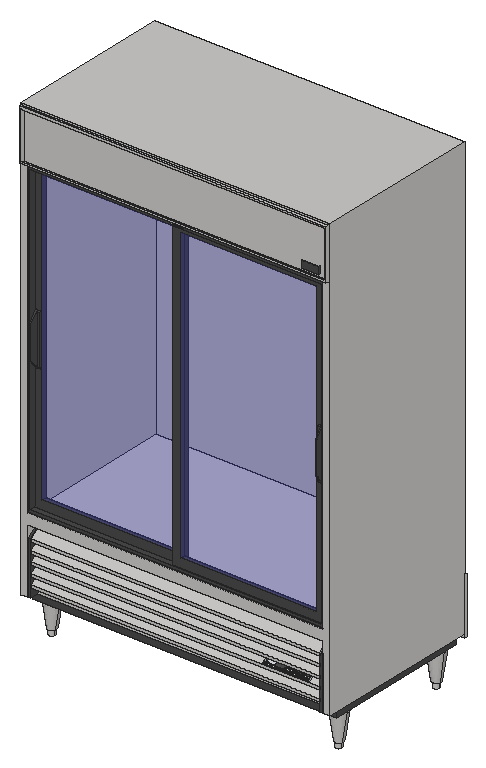
Revit family "QF_TRUE_TSD-47G-HC", category Specialty Equipment, Revit 2016
Family settings
  Part Type = Normal
  Round Connector Dimension = Use Diameter
  Work Plane-Based = No
  Always vertical = Yes
  Cut with Voids When Loaded = No
  Shared = No
  Room Calculation Point = No
Parameters
  Weight in Pounds = 440
  Watts = if(Phase = 3, Volts * FL Amps * 1.73, Volts * FL Amps)  # 977.5 W
  Volts = 115 V
  URL Cutsheet = ""
  Specification by User = ""
  Specification by Manufacturer = ""
  Show Seismic Flanged [instance] = no
  Show Logo [instance] = no
  Show Legs [instance] = yes
  Show 2.5 Inches Castors [instance] = no
  Serial Number = ""
  Seismic Rating = ""
  Seismic Flanged [instance] = and(Show Seismic Flanged, not(Show 4 Inches Castors))  # no
  SMACNA No = ""
  Revision Code = ""
  Phase = 1
  Number of Poles = 1
  NAFEM Spec ID Number = ""
  Model = "TSD-47G-HC-LD"
  Min Ckt Ampacity = 0 A
  Max Overcurrent Protection = 0 A
  Masterspec = ""
  Manufacturer = "TRUE"
  Length = 54 1/8"
  Legs [instance] = and(not(Show 2.5 Inches Castors), or(Show Legs, Show Seismic Flanged))  # yes
  Item Number = ""
  Installed By = ""
  Identify Quantity as Lot = yes
  Height = 84 3/8"
  HP = "1/2"
  Furnished By = ""
  Foodservice Equipment Identifier = yes
  FL Amps = 8.5 A
  Electrical Remarks = ""
  Electric Connection Type = ""
  Elec Conn RI Height = 0"
  Elec Conn Connection Height = 0"
  Description = "REACH-IN SOLID DOOR REFRIGERATOR WITH HYDROCARBON REFRIGERANT & LED LIGHTING"
  Depth = 29 13/16"
  Cycle = 60 Hz
  Conn Plug = "NEMA 5-15P"
  Conn Conduit = yes
  Show 4 Inches Castors [instance] = if(Show 2.5 Inches Castors, or(Show Legs, Show Seismic Flanged), if(Show Seismic Flanged, Show Legs, not(or(Show Legs, Show Seismic Flanged, Show 2.5 Inches Castors))))  # no
  CSI MasterFormat = ""
  Base Height [instance] = if(Show 4 Inches Castors, 4", if(Show 2.5 Inches Castors, 2 1/2", if(Show Legs, 6 1/16", if(Show Seismic Flanged, 6 1/16", 4"))))  # 6 1/16"
  Apparent Power = if(Phase = 3, Volts * FL Amps * 1.73, Volts * FL Amps)  # 977.5 VA
  2.5 Inches Castors [instance] = and(Show 2.5 Inches Castors, not(Show 4 Inches Castors))  # no
Reference planes (in)
  plane 1 "BACK": y = 0
  plane 2: z = 0
  plane 3 "LEFT": x = 0
  plane 4 "RIGHT": x = 54.125
  plane 5 "FRONT": y = -29.8125
  plane 6 "TOP": z = 84.375
  plane 7 "Center Y": x = 27.0625
  plane 8 "Center X": y = -14.90625
  plane 9: z = 6.0625
  plane 10: y = 0.5
  plane 11: x = 2
  plane 12: y = -24.90625
  plane 13: y = -3.59375
  plane 14: x = 52.125
Dimensions and locks (in)
  equal spacing: plane 3 "LEFT", plane 7 "Center Y", plane 4 "RIGHT"
  "Length": plane 3 "LEFT" to plane 4 "RIGHT"
  equal spacing: plane 5 "FRONT", plane 8 "Center X", plane 1 "BACK"
  "Depth": plane 5 "FRONT" to plane 1 "BACK"
  "Height": plane 6 "TOP" to level
  "Base Height": plane 9 to plane 2
  aligned and locked: level to plane 2
  aligned and locked: nested 1 to plane 9
Nested families (in)
  nested 1: "TSD-47G-HC-LD" at (0, -0.25, 0.0625), type "TSD-47G-HC-LD"
    with Type Mark "", Specification by User "", Revision Code "", Logo yes, Item Number "", Installed By "", Identify Quantity as Lot yes, Furnished By "", Foodservice Equipment Identifier yes
  nested 2: "TRUE_L6_C3.25" at (2, -24.90625, 0), Show Casters <- "Show 4 Inches Castors", Seismic Plate <- "Seismic Flanged", Legs <- "Legs", 2.5 Inches Caster <- "2.5 Inches Castors", type "TRUE_L6_C3.25"
    with Type Mark "", Specification by User "", Show Casters no, Seismic Plate no, Revision Code "", Legs yes, Item Number "", Installed By "", Identify Quantity as Lot yes, Furnished By "", Foodservice Equipment Identifier yes, 2.5 Inches Caster no
  nested 3: "TRUE_L6_C3.25" at (52.125, -24.90625, 0), Show Casters <- "Show 4 Inches Castors", Seismic Plate <- "Seismic Flanged", Legs <- "Legs", 2.5 Inches Caster <- "2.5 Inches Castors", type "TRUE_L6_C3.25"
    with Type Mark "", Specification by User "", Show Casters no, Seismic Plate no, Revision Code "", Legs yes, Item Number "", Installed By "", Identify Quantity as Lot yes, Furnished By "", Foodservice Equipment Identifier yes, 2.5 Inches Caster no
  nested 4: "TRUE_L6_C3.25" at (2, -3.59375, 0), Show Casters <- "Show 4 Inches Castors", Seismic Plate <- "Seismic Flanged", Legs <- "Legs", 2.5 Inches Caster <- "2.5 Inches Castors", type "TRUE_L6_C3.25"
    with Type Mark "", Specification by User "", Show Casters no, Seismic Plate no, Revision Code "", Legs yes, Item Number "", Installed By "", Identify Quantity as Lot yes, Furnished By "", Foodservice Equipment Identifier yes, 2.5 Inches Caster no
  nested 5: "TRUE_L6_C3.25" at (52.125, -3.59375, 0), Show Casters <- "Show 4 Inches Castors", Seismic Plate <- "Seismic Flanged", Legs <- "Legs", 2.5 Inches Caster <- "2.5 Inches Castors", type "TRUE_L6_C3.25"
    with Type Mark "", Specification by User "", Show Casters no, Seismic Plate no, Revision Code "", Legs yes, Item Number "", Installed By "", Identify Quantity as Lot yes, Furnished By "", Foodservice Equipment Identifier yes, 2.5 Inches Caster no
Connectors (in)
  electrical at (27.0625, 0.5, 11.625), driven by "Volts", driven by "Watts"
    settings: on nested 1, index 1, voltage 115 V, apparent load 977.5 VA, apparent load phase1 0 VA, apparent load phase2 0 VA, apparent load phase3 0 VA, power factor 1, load classification "Other", number of poles 1, system type 30, power factor state 1, is connector primary yes, connector utility no, sub classification motor no, connector description "ELECTRICAL CONNECTION"
Definition of nested family "TSD-47G-HC-LD"
  Parameters (values of type "TSD-47G-HC-LD")
    URL = "www.truemfg.com"
    Type Mark [instance] = ""
    Type Comments = "www.truemfg.com"
    Specification by User [instance] = ""
    Specification by Manufacturer = ""
    Serial Number = ""
    Seismic Rating = ""
    SMACNA No = ""
    Revision Code [instance] = ""
    Omniclass Number and Title = ""
    NAFEM Spec ID Number = ""
    Model = ""
    MasterSpec. = ""
    Manufacturer = "TRUE FOOD SERVICE EQUIPMENT, INC."
    Logo [instance] = yes
    Item Number [instance] = ""
    Installed By [instance] = ""
    Identify Quantity as Lot [instance] = yes
    Furnished By [instance] = ""
    Foodservice Equipment Identifier [instance] = yes
    Description = ""
    CSI MasterFormat = ""
    CSI Master Format = ""
    Assembly Code = ""
  Reference planes (in)
    plane 1: z = 0
    plane 2 "LEFT": x = 0
    plane 3 "RIGHT": x = 54.125
    plane 4 "FRONT": y = -29.5625
    plane 5 "TOP": z = 84.3125
    plane 6: z = 6
    plane 7: y = -36.15965
    plane 8: y = -36.15965
    plane 9: y = 0.25
    plane 10: y = 0.75
    plane 11: x = 27.0625
    plane 12: x = 0.5
    plane 13: x = 53.625
    plane 14: y = -36.15965
  Forms (in)
    Extrusion 1, solid
      sketch origin (0, 0, 1) x (0, 1, 0) y (0, 0, 1)
        loop
          line (-1, 6.375) -> (-27, 6.375) -> (-27, 5) -> (-1, 5) -> (-1, 6.375)
      from 0.5 to 53.625
    Extrusion 2, solid
      sketch origin (0, -29.875, 0) x (1, 0, 0) y (0, 0, 1)
        loop
          line (0, 84.3125) -> (0, 7.375) -> (1.25, 7.375) -> (1.25, 18.625) -> (52.875, 18.625) -> (52.875, 7.375) -> (54.125, 7.375) -> (54.125, 84.3125) -> (0, 84.3125)
        loop
          line (1.25, 75) -> (1.25, 20.625) -> (52.875, 20.625) -> (52.875, 75) -> (1.25, 75)
      from -28.875 to -0.8125
    Extrusion 3, solid
      sketch origin (0, 0, 0) x (1, 0, 0) y (0, 0, 1)
        loop
          line (0, 84.3125) -> (0, 7.375) -> (54.125, 7.375) -> (54.125, 84.3125) -> (0, 84.3125)
      from -0.25 to 1
    Extrusion 4, solid
      sketch origin (0, -2.45545, 4.4375) x (0, 1, 0) y (0, 0, 1)
        loop
          line (-26.60705, 6.357) -> (-24.90393, 7.56798) -> (-24.90393, 6.22746) -> (-26.60705, 5.01648) -> (-26.60705, 4.55635) -> (-24.90393, 5.76733) -> (-24.90393, 2.9375) -> (-24.04455, 2.9375) -> (-24.04455, 14.1875) -> (-24.90393, 14.1875) -> (-24.90393, 13.42723) -> (-26.60705, 12.21625) -> (-26.60705, 11.75612) -> (-24.90393, 12.9671) -> (-24.90393, 11.62658) -> (-26.60705, 10.4156) -> (-26.60705, 9.95547) -> (-24.90393, 11.16645) -> (-24.90393, 9.82592) -> (-26.60705, 8.61494) -> (-26.60705, 8.14374) -> (-24.90393, 9.35472) -> (-24.90393, 8.01419) -> (-26.60705, 6.80321) -> (-26.60705, 6.357)
      from 1.75 to 52.375
    Extrusion 5, solid
      sketch origin (-0.25, -2.45545, 4.4375) x (0, 1, 0) y (0, 0, 1)
        loop
          line (-24.90393, 13.42723) -> (-26.60705, 12.21625) -> (-26.60705, 2.9375) -> (-24.04455, 2.9375) -> (-24.04455, 14.17051) -> (-24.90393, 14.17051) -> (-24.90393, 13.42723)
      from 1.5 to 2
    Extrusion 6, solid
      sketch origin (0, -29.5625, 0) x (1, 0, 0) y (0, 0, 1)
        loop
          line (0.5625, 75.4375) -> (53.5625, 75.4375) -> (53.5625, 83.8125) -> (0.5625, 83.8125) -> (0.5625, 75.4375)
        loop
          line (0.3125, 84.0625) -> (0.3125, 75.1875) -> (53.8125, 75.1875) -> (53.8125, 84.0625) -> (0.3125, 84.0625)
      from -0.5 to 0
    Extrusion 7, solid
      sketch origin (0, -28.9375, 0) x (1, 0, 0) y (0, 0, 1)
        loop
          line (2.75265, 73.5) -> (2.75265, 22.5) -> (26.3125, 22.5) -> (26.3125, 73.5) -> (2.75265, 73.5)
        loop
          line (1.50265, 21) -> (27.5625, 21) -> (27.5625, 75) -> (1.50265, 75) -> (1.50265, 21)
      from -1.90983 to -1.20983
    Extrusion 8, solid
      sketch origin (0, -28.9375, 1) x (1, 0, 0) y (0, 0, 1)
        loop
          line (2.75265, 72.5) -> (2.75265, 21.5) -> (26.3125, 21.5) -> (26.3125, 72.5) -> (2.75265, 72.5)
      from -1.90983 to -1.20983
    Extrusion 9, solid
      sketch origin (0, -28.9375, 0) x (1, 0, 0) y (0, 0, 1)
        loop
          line (1.50265, 74.375) -> (1.50265, 21) -> (52.62235, 21) -> (52.62235, 74.375) -> (1.50265, 74.375)
        loop
          line (1.25, 20.625) -> (52.875, 20.625) -> (52.875, 75) -> (1.25, 75) -> (1.25, 20.625)
      from -2.125 to 0
    Extrusion 10, solid
      sketch origin (0, 0.9375, 0) x (1, 0, 0) y (0, 1, 0)
        loop
          line (1.71617, -28.6875) -> (1.71617, -30) -> (1.91617, -30) -> (1.91617, -28.8875) -> (2.46617, -28.8875) -> (2.46617, -28.6875) -> (1.71617, -28.6875)
      from 42.905 to 52.00141
    Extrusion 11, solid
      sketch origin (12.6875, -4.5625, 8.43646) x (1, 0, 0) y (0, 0, 1)
        loop
          line (36.5405, 68.62885) -> (36.5405, 67.37885) -> (39.5405, 67.37885) -> (39.5405, 68.62885) -> (36.5405, 68.62885)
      from 24.5 to 24.58496
    Extrusion 12, void
      sketch origin (0, 0.9375, 0) x (0, 1, 0) y (0, 0, 1)
        loop
          line (-30, 50.26512) -> (-28.6875, 52.00141) -> (-30, 52.00141) -> (-30, 50.26512)
        loop
          line (-30, 44.64129) -> (-30, 42.905) -> (-28.6875, 42.905) -> (-30, 44.64129)
      from 1.71617 to 2.46617
    Extrusion 13, solid
      sketch origin (39.5, -29.375, 84.3125) x (0, 0, -1) y (0, 1, 0)
        loop
          line (77.625, 29.625) -> (77.625, 30.125) -> (67.875, 30.125) -> (67.375, 29.625) -> (77.625, 29.625)
      from 14.625 to -39.5
    Extrusion 14, solid
      sketch origin (54.375, -2.45545, 4.4375) x (0, 1, 0) y (0, 0, -1)
        loop
          line (-24.90393, -13.42723) -> (-24.90393, -14.17051) -> (-24.04455, -14.17051) -> (-24.04455, -2.9375) -> (-26.60705, -2.9375) -> (-26.60705, -12.21625) -> (-24.90393, -13.42723)
      from 1.5 to 2
    Extrusion 15, solid, not visible
      sketch origin (17.8697, -29.77233, 0) x (1, 0, 0) y (0, 0, 1)
        loop
          line (-4.9322, 73.5) -> (-4.9322, 22.5) -> (18.87765, 22.5) -> (18.87765, 73.5) -> (-4.9322, 73.5)
        loop
          line (-6.1822, 21) -> (20.12765, 21) -> (20.12765, 75) -> (-6.1822, 75) -> (-6.1822, 21)
      from -1.90983 to -1.20983
    Extrusion 16, solid, not visible
      sketch origin (17.8697, -29.77233, 1) x (1, 0, 0) y (0, 0, 1)
        loop
          line (-4.9322, 72.5) -> (-4.9322, 21.5) -> (18.87765, 21.5) -> (18.87765, 72.5) -> (-4.9322, 72.5)
      from -1.90983 to -1.20983
    Extrusion 17, solid, not visible
      sketch origin (39.5, 0.125, 0) x (-1, 0, 0) y (0, -1, 0)
        loop
          line (1.71617, 28.6875) -> (2.46617, 28.6875) -> (2.46617, 28.8875) -> (1.91617, 28.8875) -> (1.91617, 30) -> (1.71617, 30) -> (1.71617, 28.6875)
      from 42.905 to 52.00141
    Extrusion 18, void, not visible
      sketch origin (39.5, 0.125, 0) x (0, 1, 0) y (0, 0, -1)
        loop
          line (-30, -50.26512) -> (-30, -52.00141) -> (-28.6875, -52.00141) -> (-30, -50.26512)
        loop
          line (-30, -44.64129) -> (-28.6875, -42.905) -> (-30, -42.905) -> (-30, -44.64129)
      from 1.71617 to 2.46617
    Extrusion 19, solid
      sketch origin (32.4947, -29.77233, 0) x (1, 0, 0) y (0, 0, 1)
        loop
          line (-4.9322, 73.5) -> (-4.9322, 22.5) -> (18.87765, 22.5) -> (18.87765, 73.5) -> (-4.9322, 73.5)
        loop
          line (-6.1822, 21) -> (20.12765, 21) -> (20.12765, 75) -> (-6.1822, 75) -> (-6.1822, 21)
      from -1.90983 to -1.20983
    Extrusion 20, solid
      sketch origin (32.4947, -29.77233, 1) x (1, 0, 0) y (0, 0, 1)
        loop
          line (-4.9322, 72.5) -> (-4.9322, 21.5) -> (18.87765, 21.5) -> (18.87765, 72.5) -> (-4.9322, 72.5)
      from -1.90983 to -1.20983
    Extrusion 21, solid
      sketch origin (54.125, 0.125, 0) x (-1, 0, 0) y (0, -1, 0)
        loop
          line (1.71617, 28.6875) -> (2.46617, 28.6875) -> (2.46617, 28.8875) -> (1.91617, 28.8875) -> (1.91617, 30) -> (1.71617, 30) -> (1.71617, 28.6875)
      from 42.905 to 52.00141
    Extrusion 22, void
      sketch origin (54.125, 0.125, 0) x (0, 1, 0) y (0, 0, -1)
        loop
          line (-30, -50.26512) -> (-30, -52.00141) -> (-28.6875, -52.00141) -> (-30, -50.26512)
        loop
          line (-30, -44.64129) -> (-28.6875, -42.905) -> (-30, -42.905) -> (-30, -44.64129)
      from 1.71617 to 2.46617
    Extrusion 23, solid, visible <- "Logo"
      sketch origin (21.05273, 5.83047, 43.96283) x (1, 0, 0) y (0, 0, 1)
        loop
          line (4.75096, 30.92458) -> (4.7107, 30.83825) -> (5.24616, 30.83825)
          arc (5.24616, 30.83825) -> (5.25703, 30.81904) -> (5.24616, 30.79982) r 0.02243
          line (5.24616, 30.79982) -> (5.1065, 30.50032)
          arc (5.1065, 30.50032) -> (5.10529, 30.47258) -> (5.12405, 30.45211) r 0.03628
          line (5.12405, 30.45211) -> (5.46643, 30.45211)
          arc (5.46643, 30.45211) -> (5.50967, 30.46574) -> (5.53726, 30.50171) r 0.07537
          line (5.53726, 30.50171) -> (5.64717, 30.7374) -> (5.74815, 30.7374)
          arc (5.74815, 30.7374) -> (5.77464, 30.72766) -> (5.77081, 30.69969) r 0.02252
          line (5.77081, 30.69969) -> (5.67884, 30.50248)
          arc (5.67884, 30.50248) -> (5.68027, 30.46973) -> (5.70792, 30.45211) r 0.0355
          line (5.70792, 30.45211) -> (6.00877, 30.45211)
          arc (6.00877, 30.45211) -> (6.03182, 30.4605) -> (6.04408, 30.48174) r 0.03586
          arc (6.04408, 30.48174) -> (6.05276, 30.46079) -> (6.07372, 30.45211) r 0.02963
          line (6.07372, 30.45211) -> (6.26421, 30.45211)
          arc (6.26421, 30.45211) -> (6.28621, 30.45801) -> (6.30232, 30.47412) r 0.04401
          arc (6.30232, 30.47412) -> (6.31003, 30.4555) -> (6.32865, 30.44778) r 0.02633
          line (6.32865, 30.44778) -> (6.59938, 30.44778)
          arc (6.59938, 30.44778) -> (6.62152, 30.45695) -> (6.63069, 30.47909) r 0.0313
          arc (6.63069, 30.47909) -> (6.65098, 30.4588) -> (6.67869, 30.45137) r 0.05543
          line (6.67869, 30.45137) -> (7.18584, 30.45137) -> (7.24217, 30.54894) -> (6.73064, 30.54894)
          arc (6.73064, 30.54894) -> (6.71652, 30.55873) -> (6.716, 30.57591) r 0.01908
          line (6.716, 30.57591) -> (6.73629, 30.61943) -> (6.9242, 30.61943)
          arc (6.9242, 30.61943) -> (6.95969, 30.62894) -> (6.98567, 30.65492) r 0.07098
          line (6.98567, 30.65492) -> (7.03329, 30.7374)
          arc (7.03329, 30.7374) -> (7.03329, 30.78143) -> (6.99517, 30.80344) r 0.04402
          line (6.99517, 30.80344) -> (6.82163, 30.80344)
          arc (6.82163, 30.80344) -> (6.7774, 30.79592) -> (6.74653, 30.76335) r 0.07088
          line (6.74653, 30.76335) -> (6.66407, 30.5865)
          arc (6.66407, 30.5865) -> (6.63973, 30.55478) -> (6.6016, 30.54276) r 0.06648
          line (6.6016, 30.54276) -> (6.4216, 30.54276)
          arc (6.4216, 30.54276) -> (6.40005, 30.56628) -> (6.40144, 30.59814) r 0.04167
          line (6.40144, 30.59814) -> (6.49717, 30.80344) -> (6.43624, 30.80344) -> (6.33482, 30.58594)
          arc (6.33482, 30.58594) -> (6.31512, 30.56025) -> (6.28424, 30.55052) r 0.05382
          line (6.28424, 30.55052) -> (6.16012, 30.55052)
          arc (6.16012, 30.55052) -> (6.13914, 30.57786) -> (6.14364, 30.61201) r 0.04502
          line (6.14364, 30.61201) -> (6.2329, 30.80344) -> (6.16998, 30.80344) -> (6.06724, 30.5831)
          arc (6.06724, 30.5831) -> (6.04339, 30.55925) -> (6.01081, 30.55052) r 0.06516
          line (6.01081, 30.55052) -> (5.83107, 30.55052)
          arc (5.83107, 30.55052) -> (5.79879, 30.56557) -> (5.79568, 30.60106) r 0.03562
          line (5.79568, 30.60106) -> (5.85476, 30.72776) -> (5.93828, 30.72776)
          arc (5.93828, 30.72776) -> (5.95237, 30.77023) -> (5.98236, 30.80344) r 0.10884
          line (5.98236, 30.80344) -> (5.65601, 30.80344)
          arc (5.65601, 30.80344) -> (5.61974, 30.7954) -> (5.59465, 30.76801) r 0.06177
          line (5.59465, 30.76801) -> (5.50619, 30.57831)
          arc (5.50619, 30.57831) -> (5.48585, 30.55797) -> (5.45806, 30.55052) r 0.05557
          line (5.45806, 30.55052) -> (5.26322, 30.55052)
          arc (5.26322, 30.55052) -> (5.24802, 30.57107) -> (5.25091, 30.59647) r 0.03488
          line (5.25091, 30.59647) -> (5.37947, 30.83825) -> (5.70382, 30.83825) -> (5.74408, 30.92458) -> (5.41972, 30.92458) -> (5.45997, 31.0109) -> (5.34459, 31.0109) -> (5.30434, 30.92458) -> (4.75096, 30.92458)
        loop
          line (6.7997, 30.72507) -> (6.78025, 30.67212) -> (6.93883, 30.67212) -> (6.95026, 30.72507) -> (6.7997, 30.72507)
      from 34.76797 to 34.83173
  Cuts and joins
    Extrusion 12 cuts Extrusion 2
    Extrusion 12 cuts Extrusion 3
    joined: Extrusion 2, Extrusion 3
    Extrusion 12 cuts Extrusion 9
    Extrusion 12 cuts Extrusion 10
    Extrusion 22 cuts Extrusion 21
  Lines and regions (in)
    symbolic lines
      curve 1: line (0, 0.25, 0) -> (54.125, 0.25, 0)
      curve 2: line (0, -29.0625, 0) -> (0, 0.25, 0)
      curve 3: line (54.125, -29.0625, 0) -> (0, -29.0625, 0)
      curve 4: line (54.125, 0.25, 0) -> (54.125, -29.0625, 0)
      curve 5: line (53.8125, -29.5625, 0) -> (53.8125, -29.0625, 0)
      curve 6: line (53.8125, -29.5625, 0) -> (0.3125, -29.5625, 0)
      curve 7: line (0.3125, -29.5625, 0) -> (0.3125, -29.0625, 0)
  Dimensions and locks (in)
    plane 2 "LEFT" to plane 3 "RIGHT" = 54 1/8"
    locked: Extrusion 1 sketch curve to Extrusion 1 sketch curve at 1.375
    plane 6 to level = 6"
    plane 3 "RIGHT" to plane 2 "LEFT" = 54 1/8"
    plane 4 "FRONT" to plane 9 = 29 13/16"
    plane 9 to plane 10 = 1/2"
    Extrusion 13 to cut or joined group of Extrusion 2, Extrusion 3, Extrusion 12 to plane 4 "FRONT" = 1/2", 29 13/16"
    equal spacing: plane 3 "RIGHT", plane 11, plane 2 "LEFT"
    aligned and locked: level to plane 1
    aligned and locked: Extrusion 2 to Extrusion 3
    aligned and locked: Extrusion 5 to Extrusion 4
    aligned and locked: Extrusion 12 to cut or joined group of Extrusion 10, Extrusion 12
    aligned and locked: Extrusion 4 sketch curve to Extrusion 5
  Automatic sketch dimensions
    Extrusion 17 sketch curve to Extrusion 17 sketch curve = 0.2"  (x2)
    Extrusion 17 sketch curve to Extrusion 17 sketch curve = 0.55"
    Extrusion 18 sketch curve to Extrusion 18 sketch curve = 1.73629"  (x2)
    Extrusion 18 sketch curve to Extrusion 18 sketch curve = 5.62383"
    Extrusion 16 sketch curve to Extrusion 16 sketch curve = 23.80985"
    Extrusion 16 sketch curve to Extrusion 16 sketch curve = 51"
    Extrusion 17 sketch curve to Extrusion 17 sketch curve = 1.1125"
    Extrusion 18 sketch curve to Extrusion 18 sketch curve = 0"
    Extrusion 18 sketch curve to Extrusion 18 sketch curve = 1 5/16"  (x2)
    Extrusion 21 sketch curve to Extrusion 21 sketch curve = 0.2"  (x2)
    Extrusion 21 sketch curve to Extrusion 21 sketch curve = 0.55"
    Extrusion 22 sketch curve to Extrusion 22 sketch curve = 1.73629"  (x2)
    Extrusion 22 sketch curve to Extrusion 22 sketch curve = 5.62383"
    Extrusion 20 sketch curve to Extrusion 20 sketch curve = 23.80985"
    Extrusion 20 sketch curve to Extrusion 20 sketch curve = 51"
    Extrusion 21 sketch curve to Extrusion 21 sketch curve = 1.1125"
    Extrusion 22 sketch curve to Extrusion 22 sketch curve = 0"
    Extrusion 22 sketch curve to Extrusion 22 sketch curve = 1 5/16"  (x2)
    Extrusion 19 sketch curve to Extrusion 19 sketch curve = 1 1/4"  (x2)
    Extrusion 19 sketch curve to Extrusion 19 sketch curve = 1 1/2"  (x2)
    Extrusion 19 sketch curve to Extrusion 19 sketch curve = 51"
    Extrusion 19 sketch curve to Extrusion 19 sketch curve = 23.80985"
    Extrusion 15 sketch curve to Extrusion 15 sketch curve = 1 1/4"  (x2)
    Extrusion 15 sketch curve to Extrusion 15 sketch curve = 1 1/2"  (x2)
    Extrusion 15 sketch curve to Extrusion 15 sketch curve = 51"
    Extrusion 15 sketch curve to Extrusion 15 sketch curve = 23.80985"
    curve 3 to plane 2 "LEFT" = 0"
    plane 4 "FRONT" to curve 6 = 0"
    curve 1 to plane 9 = 0"
    curve 6 to plane 12 = 3/16"
    plane 11 to curve 5 = 26 3/4"
    curve 5 to curve 3 = 5/16"
    curve 3 to plane 4 "FRONT" = 1/2"
    Extrusion 1 sketch curve to plane 6 = 0"
    Extrusion 1 sketch curve to plane 4 "FRONT" = 2 9/16"
    Extrusion 1 sketch curve to plane 9 = 1 1/4"
    Extrusion 2 sketch curve to plane 2 "LEFT" = 0"
    Extrusion 2 sketch curve to plane 3 "RIGHT" = 0"
    Extrusion 2 sketch curve to plane 5 "TOP" = 0"
    plane 12 to Extrusion 2 sketch curve = 3/4"  (x2)
    plane 13 to Extrusion 2 sketch curve = 3/4"  (x2)
    Extrusion 2 sketch curve to plane 5 "TOP" = 9 5/16"
    plane 6 to Extrusion 2 sketch curve = 14 5/8"
    Extrusion 2 sketch curve to Extrusion 2 sketch curve = 2"
    plane 6 to Extrusion 2 sketch curve = 1 3/8"  (x2)
    Extrusion 3 sketch curve to plane 2 "LEFT" = 0"
    Extrusion 3 sketch curve to plane 3 "RIGHT" = 0"
    Extrusion 3 sketch curve to plane 5 "TOP" = 0"
    plane 6 to Extrusion 3 sketch curve = 1 3/8"
    Extrusion 4 sketch curve to Extrusion 4 sketch curve = 55/64"
    Extrusion 4 sketch curve to plane 4 "FRONT" = 2 13/64"
    Extrusion 4 sketch curve to Extrusion 4 sketch curve = 0"  (x4)
    Extrusion 4 sketch curve to plane 4 "FRONT" = 1/2"  (x5)
    plane 6 to Extrusion 4 sketch curve = 1 3/8"
    Extrusion 4 sketch curve to Extrusion 4 sketch curve = 1.61885"
    Extrusion 4 sketch curve to Extrusion 4 sketch curve = 0.46013"  (x6)
    Extrusion 4 sketch curve to Extrusion 4 sketch curve = 0.75085"
    Extrusion 4 sketch curve to Extrusion 4 sketch curve = 1.34052"  (x8)
    Extrusion 4 sketch curve to Extrusion 4 sketch curve = 0.44621"  (x2)
    Extrusion 4 sketch curve to Extrusion 4 sketch curve = 0.4712"  (x2)
    Extrusion 4 sketch curve to Extrusion 4 sketch curve = 0.76026"
    Extrusion 5 sketch curve to plane 4 "FRONT" = 1/2"
    Extrusion 5 sketch curve to plane 4 "FRONT" = 2 13/64"
    Extrusion 5 sketch curve to Extrusion 5 sketch curve = 55/64"
    plane 6 to Extrusion 5 sketch curve = 1 3/8"
    Extrusion 5 sketch curve to Extrusion 5 sketch curve = 9.27876"
    Extrusion 5 sketch curve to Extrusion 5 sketch curve = 1.21098"
    Extrusion 5 sketch curve to Extrusion 5 sketch curve = 0.74327"
    Extrusion 6 sketch curve to plane 12 = 3/16"
    plane 12 to Extrusion 6 sketch curve = 1/16"
    plane 13 to Extrusion 6 sketch curve = 1/16"
    Extrusion 6 sketch curve to plane 13 = 3/16"
    Extrusion 6 sketch curve to plane 5 "TOP" = 9 1/8"
    Extrusion 6 sketch curve to Extrusion 6 sketch curve = 1/4"
    Extrusion 6 sketch curve to plane 5 "TOP" = 1/2"
    Extrusion 6 sketch curve to plane 5 "TOP" = 1/4"
    plane 12 to Extrusion 8 sketch curve = 2.25265"
    Extrusion 8 sketch curve to plane 11 = 3/4"
    plane 6 to Extrusion 8 sketch curve = 16 1/2"
    Extrusion 8 sketch curve to plane 5 "TOP" = 10 13/16"
    plane 12 to Extrusion 9 sketch curve = 3/4"
    Extrusion 9 sketch curve to Extrusion 9 sketch curve = 0.25265"  (x2)
    plane 13 to Extrusion 9 sketch curve = 1.00265"
    plane 6 to Extrusion 9 sketch curve = 14 5/8"
    Extrusion 9 sketch curve to Extrusion 9 sketch curve = 3/8"
    Extrusion 9 sketch curve to plane 5 "TOP" = 9 15/16"
    Extrusion 9 sketch curve to Extrusion 9 sketch curve = 5/8"
    Extrusion 10 sketch curve to plane 4 "FRONT" = 1/2"
    plane 12 to Extrusion 10 sketch curve = 1.21617"
    Extrusion 10 sketch curve to Extrusion 10 sketch curve = 0.2"  (x2)
    Extrusion 10 sketch curve to Extrusion 10 sketch curve = 0.55"
    Extrusion 10 sketch curve to Extrusion 10 sketch curve = 1.1125"
    plane 13 to Extrusion 11 sketch curve = 4.397"
    plane 13 to Extrusion 11 sketch curve = 1.397"
    Extrusion 11 sketch curve to plane 5 "TOP" = 8.49719"
    Extrusion 11 sketch curve to Extrusion 11 sketch curve = 1 1/4"
    Extrusion 12 sketch curve to plane 4 "FRONT" = 1/2"  (x2)
    Extrusion 12 sketch curve to Extrusion 12 sketch curve = 1 5/16"  (x2)
    plane 6 to Extrusion 12 sketch curve = 36.905"
    Extrusion 12 sketch curve to Extrusion 12 sketch curve = 1.73629"  (x2)
    Extrusion 12 sketch curve to Extrusion 12 sketch curve = 5.62383"
    Extrusion 13 sketch curve to plane 9 = 0"
    Extrusion 13 sketch curve to plane 10 = 0"
    plane 6 to Extrusion 13 sketch curve = 10 15/16"
    Extrusion 13 sketch curve to Extrusion 13 sketch curve = 1/2"
    plane 6 to Extrusion 13 sketch curve = 11/16"
    Extrusion 14 sketch curve to plane 4 "FRONT" = 1/2"
    Extrusion 14 sketch curve to plane 4 "FRONT" = 2 13/64"
    Extrusion 14 sketch curve to Extrusion 14 sketch curve = 55/64"
    plane 6 to Extrusion 14 sketch curve = 12.60801"
    Extrusion 14 sketch curve to Extrusion 14 sketch curve = 0.74327"
    Extrusion 14 sketch curve to Extrusion 14 sketch curve = 1.21098"
    plane 6 to Extrusion 14 sketch curve = 1 3/8"
    Extrusion 23 sketch curve to plane 11 = 1.29907"
    Extrusion 23 sketch curve to Extrusion 23 sketch curve = 0.04025"  (x5)
    Extrusion 23 sketch curve to Extrusion 23 sketch curve = 0.3958"
    Extrusion 23 sketch curve to Extrusion 23 sketch curve = 0.01755"
    Extrusion 23 sketch curve to Extrusion 23 sketch curve = 0.03288"  (x2)
    Extrusion 23 sketch curve to Extrusion 23 sketch curve = 0.1281"
    Extrusion 23 sketch curve to Extrusion 23 sketch curve = 0.01156"  (x2)
    Extrusion 23 sketch curve to Extrusion 23 sketch curve = 0.11153"
    Extrusion 23 sketch curve to Extrusion 23 sketch curve = 0.01231"
    Extrusion 23 sketch curve to Extrusion 23 sketch curve = 0.01848"
    Extrusion 23 sketch curve to Extrusion 23 sketch curve = 0.05818"
    Extrusion 23 sketch curve to Extrusion 23 sketch curve = 0.07513"
    Extrusion 23 sketch curve to Extrusion 23 sketch curve = 0.17635"
    Extrusion 23 sketch curve to Extrusion 23 sketch curve = 0.00837"
    Extrusion 23 sketch curve to Extrusion 23 sketch curve = 0.04812"
    Extrusion 23 sketch curve to Extrusion 23 sketch curve = 0.07083"
    Extrusion 23 sketch curve to Extrusion 23 sketch curve = 0.08846"
    Extrusion 23 sketch curve to Extrusion 23 sketch curve = 0.05252"
    Extrusion 23 sketch curve to Extrusion 23 sketch curve = 0.00346"
    Extrusion 23 sketch curve to Extrusion 23 sketch curve = 0.00538"
    Extrusion 23 sketch curve to Extrusion 23 sketch curve = 0.14158"
    Extrusion 23 sketch curve to Extrusion 23 sketch curve = 0.04781"
    Extrusion 23 sketch curve to Extrusion 23 sketch curve = 0.02908"
    Extrusion 23 sketch curve to Extrusion 23 sketch curve = 0.03217"
    Extrusion 23 sketch curve to Extrusion 23 sketch curve = 0.09752"
    Extrusion 23 sketch curve to Extrusion 23 sketch curve = 0.00719"
    Extrusion 23 sketch curve to Extrusion 23 sketch curve = 0.01547"
    Extrusion 23 sketch curve to Extrusion 23 sketch curve = 0.02488"
    Extrusion 23 sketch curve to Extrusion 23 sketch curve = 0.03228"
    Extrusion 23 sketch curve to Extrusion 23 sketch curve = 0.0031"
    Extrusion 23 sketch curve to Extrusion 23 sketch curve = 0.08396"
    Extrusion 23 sketch curve to plane 11 = 0.07149"
    Extrusion 23 sketch curve to plane 11 = 0.02741"
    Extrusion 23 sketch curve to plane 11 = 0.001"
    plane 11 to Extrusion 23 sketch curve = 0.00104"
    plane 11 to Extrusion 23 sketch curve = 0.03665"
    plane 11 to Extrusion 23 sketch curve = 0.05747"
    plane 11 to Extrusion 23 sketch curve = 0.06395"
    Extrusion 23 sketch curve to Extrusion 23 sketch curve = 0.0764"
    Extrusion 23 sketch curve to Extrusion 23 sketch curve = 0.01648"
    Extrusion 23 sketch curve to Extrusion 23 sketch curve = 0.12356"
    Extrusion 23 sketch curve to Extrusion 23 sketch curve = 0.03899"  (x2)
    Extrusion 23 sketch curve to Extrusion 23 sketch curve = 0.06292"
    Extrusion 23 sketch curve to Extrusion 23 sketch curve = 0.10409"
    Extrusion 23 sketch curve to Extrusion 23 sketch curve = 0.02004"
    Extrusion 23 sketch curve to Extrusion 23 sketch curve = 0.06445"
    Extrusion 23 sketch curve to Extrusion 23 sketch curve = 0.05058"
    Extrusion 23 sketch curve to Extrusion 23 sketch curve = 0.06662"
    Extrusion 23 sketch curve to Extrusion 23 sketch curve = 0.02016"
    Extrusion 23 sketch curve to Extrusion 23 sketch curve = 0.20334"  (x2)
    Extrusion 23 sketch curve to Extrusion 23 sketch curve = 0.03777"  (x2)
    Extrusion 23 sketch curve to Extrusion 23 sketch curve = 0.06093"
    Extrusion 23 sketch curve to Extrusion 23 sketch curve = 0.17779"
    Extrusion 23 sketch curve to Extrusion 23 sketch curve = 0.00222"
    Extrusion 23 sketch curve to Extrusion 23 sketch curve = 0.06247"
    Extrusion 23 sketch curve to Extrusion 23 sketch curve = 0.07931"
    Extrusion 23 sketch curve to Extrusion 23 sketch curve = 0.05193"
    Extrusion 23 sketch curve to Extrusion 23 sketch curve = 0.01465"
    Extrusion 23 sketch curve to Extrusion 23 sketch curve = 0.01729"
    Extrusion 23 sketch curve to Extrusion 23 sketch curve = 0.0203"
    Extrusion 23 sketch curve to Extrusion 23 sketch curve = 0.01024"
    Extrusion 23 sketch curve to Extrusion 23 sketch curve = 0.04396"
    Extrusion 23 sketch curve to Extrusion 23 sketch curve = 0.01945"
    Extrusion 23 sketch curve to Extrusion 23 sketch curve = 0.01107"
    Extrusion 23 sketch curve to Extrusion 23 sketch curve = 0.01086"
    Extrusion 23 sketch curve to Extrusion 23 sketch curve = 0.14395"
    Extrusion 23 sketch curve to Extrusion 23 sketch curve = 0.01462"
    Extrusion 23 sketch curve to Extrusion 23 sketch curve = 0.02605"
    Extrusion 23 sketch curve to Extrusion 23 sketch curve = 0.04685"
    Extrusion 23 sketch curve to Extrusion 23 sketch curve = 0.04491"
    Extrusion 23 sketch curve to Extrusion 23 sketch curve = 0.03813"
    Extrusion 23 sketch curve to Extrusion 23 sketch curve = 0.20016"
    Extrusion 23 sketch curve to Extrusion 23 sketch curve = 0.05634"
    Extrusion 23 sketch curve to plane 5 "TOP" = 9.90189"
    Extrusion 23 sketch curve to Extrusion 23 sketch curve = 0.00358"
    Extrusion 23 sketch curve to Extrusion 23 sketch curve = 0.00433"
    Extrusion 23 sketch curve to Extrusion 23 sketch curve = 0"  (x2)
    Extrusion 23 sketch curve to Extrusion 23 sketch curve = 0.02633"
    Extrusion 23 sketch curve to Extrusion 23 sketch curve = 0.0313"
    Extrusion 23 sketch curve to Extrusion 23 sketch curve = 0.02963"
    Extrusion 23 sketch curve to Extrusion 23 sketch curve = 0.03536"
    Extrusion 23 sketch curve to Extrusion 23 sketch curve = 0.0496"
    Extrusion 23 sketch curve to Extrusion 23 sketch curve = 0.06368"
    Extrusion 23 sketch curve to Extrusion 23 sketch curve = 0.04214"
    Extrusion 23 sketch curve to Extrusion 23 sketch curve = 0.06878"
    Extrusion 23 sketch curve to Extrusion 23 sketch curve = 0.06553"
    Extrusion 23 sketch curve to Extrusion 23 sketch curve = 0.06255"
    Extrusion 23 sketch curve to Extrusion 23 sketch curve = 0.0189"
    Extrusion 23 sketch curve to Extrusion 23 sketch curve = 0.02778"
    Extrusion 23 sketch curve to Extrusion 23 sketch curve = 0.02958"
    Extrusion 23 sketch curve to Extrusion 23 sketch curve = 0.03258"
    Extrusion 23 sketch curve to Extrusion 23 sketch curve = 0.03542"
    Extrusion 23 sketch curve to Extrusion 23 sketch curve = 0.03548"
    Extrusion 23 sketch curve to Extrusion 23 sketch curve = 0.0106"
    Extrusion 23 sketch curve to Extrusion 23 sketch curve = 0.04352"
    Extrusion 23 sketch curve to Extrusion 23 sketch curve = 0.03549"
    Extrusion 23 sketch curve to Extrusion 23 sketch curve = 0.01828"
    Extrusion 23 sketch curve to Extrusion 23 sketch curve = 0.09863"
    Extrusion 23 sketch curve to Extrusion 23 sketch curve = 0.09976"
    Extrusion 23 sketch curve to Extrusion 23 sketch curve = 0.01637"
    Extrusion 23 sketch curve to Extrusion 23 sketch curve = 0.05294"
    Extrusion 23 sketch curve to Extrusion 23 sketch curve = 0.02806"
    Extrusion 23 sketch curve to Extrusion 23 sketch curve = 0.00833"
    Extrusion 23 sketch curve to Extrusion 23 sketch curve = 0.01234"
    Extrusion 23 sketch curve to Extrusion 23 sketch curve = 0.00451"
    Extrusion 23 sketch curve to Extrusion 23 sketch curve = 0.02201"
    Extrusion 23 sketch curve to Extrusion 23 sketch curve = 0.088"
    Extrusion 23 sketch curve to Extrusion 23 sketch curve = 0.1942"
    Extrusion 23 sketch curve to Extrusion 23 sketch curve = 0.01922"
    Extrusion 23 sketch curve to Extrusion 23 sketch curve = 0.03482"
    Extrusion 23 sketch curve to Extrusion 23 sketch curve = 0.08632"  (x3)
    plane 12 to Extrusion 7 sketch curve = 1.00265"
    Extrusion 7 sketch curve to Extrusion 7 sketch curve = 1 1/4"
    Extrusion 7 sketch curve to plane 11 = 3/4"
    plane 6 to Extrusion 7 sketch curve = 15"
    Extrusion 7 sketch curve to plane 5 "TOP" = 10 13/16"
    Extrusion 7 sketch curve to Extrusion 7 sketch curve = 1 1/2"  (x2)
    plane 11 to Extrusion 7 sketch curve = 1/2"
    Extrusion 19 sketch curve to plane 11 = 3/4"
    plane 6 to Extrusion 19 sketch curve = 15"
    plane 11 to Extrusion 20 sketch curve = 1/2"
    plane 6 to Extrusion 20 sketch curve = 16 1/2"
    plane 4 "FRONT" to Extrusion 21 sketch curve = 5/16"
    plane 13 to Extrusion 21 sketch curve = 1.21617"
    plane 4 "FRONT" to Extrusion 22 sketch curve = 5/16"
    Extrusion 22 sketch curve to plane 5 "TOP" = 32.31109"
  Nested families (in)
    nested 1: "QF_LOGO_TRUE" at (42.20614, -28.82096, 11.41246), visible <- "Logo", type "QF_LOGO_TRUE", detail levels medium+fine
      with Show Logo yes
  Definition of nested family "QF_LOGO_TRUE"
    Parameters (values of type "QF_LOGO_TRUE")
      Show Logo [instance] = yes
    Reference planes (in)
      plane 1 "Center (Front/Back)": y = 0
      plane 2: z = 0
      plane 3 "Center (Left/Right)": x = 0
    Forms (in)
      Extrusion 1, solid, visible <- "Show Logo"
        sketch origin (-78.34647, -4.72047, -46.01591) x (1, 0, 0) y (0, 0.815027, 0.579423)
          loop
            line (81.15226, 31.65456) -> (81.07353, 31.48573) -> (82.12083, 31.48573)
            arc (82.12083, 31.48573) -> (82.14208, 31.44814) -> (82.12083, 31.41055) r 0.04386
            line (82.12083, 31.41055) -> (81.84767, 30.82478)
            arc (81.84767, 30.82478) -> (81.84531, 30.77052) -> (81.882, 30.73048) r 0.07096
            line (81.882, 30.73048) -> (82.55165, 30.73048)
            arc (82.55165, 30.73048) -> (82.63621, 30.75714) -> (82.69019, 30.82748) r 0.14742
            line (82.69019, 30.82748) -> (82.90515, 31.28847) -> (83.10265, 31.28847)
            arc (83.10265, 31.28847) -> (83.15447, 31.26942) -> (83.14697, 31.21472) r 0.04405
            line (83.14697, 31.21472) -> (82.9671, 30.82899)
            arc (82.9671, 30.82899) -> (82.9699, 30.76493) -> (83.02398, 30.73048) r 0.06943
            line (83.02398, 30.73048) -> (83.6124, 30.73048)
            arc (83.6124, 30.73048) -> (83.65748, 30.74689) -> (83.68147, 30.78844) r 0.07014
            arc (83.68147, 30.78844) -> (83.69845, 30.74745) -> (83.73943, 30.73048) r 0.05796
            line (83.73943, 30.73048) -> (84.112, 30.73048)
            arc (84.112, 30.73048) -> (84.15504, 30.74201) -> (84.18655, 30.77352) r 0.08608
            arc (84.18655, 30.77352) -> (84.20164, 30.7371) -> (84.23806, 30.72202) r 0.0515
            line (84.23806, 30.72202) -> (84.76757, 30.72202)
            arc (84.76757, 30.72202) -> (84.81086, 30.73995) -> (84.8288, 30.78324) r 0.06122
            arc (84.8288, 30.78324) -> (84.86848, 30.74355) -> (84.92269, 30.72903) r 0.10842
            line (84.92269, 30.72903) -> (85.91461, 30.72903) -> (86.02479, 30.91987) -> (85.0243, 30.91987)
            arc (85.0243, 30.91987) -> (84.99669, 30.93902) -> (84.99566, 30.97261) r 0.03732
            line (84.99566, 30.97261) -> (85.01297, 31.00972)
            arc (85.01297, 31.00972) -> (85.03954, 31.04453) -> (85.0813, 31.05774) r 0.07263
            line (85.0813, 31.05774) -> (85.40289, 31.05774)
            arc (85.40289, 31.05774) -> (85.4723, 31.07633) -> (85.52311, 31.12715) r 0.13882
            line (85.52311, 31.12715) -> (85.61625, 31.28847)
            arc (85.61625, 31.28847) -> (85.61625, 31.37458) -> (85.54168, 31.41763) r 0.08611
            line (85.54168, 31.41763) -> (85.20227, 31.41763)
            arc (85.20227, 31.41763) -> (85.11574, 31.40294) -> (85.05538, 31.33923) r 0.13863
            line (85.05538, 31.33923) -> (84.89409, 30.99333)
            arc (84.89409, 30.99333) -> (84.84649, 30.9313) -> (84.77191, 30.90778) r 0.13002
            line (84.77191, 30.90778) -> (84.41984, 30.90778)
            arc (84.41984, 30.90778) -> (84.3777, 30.95378) -> (84.38042, 31.0161) r 0.08151
            line (84.38042, 31.0161) -> (84.56766, 31.41763) -> (84.44849, 31.41763) -> (84.25012, 30.99222)
            arc (84.25012, 30.99222) -> (84.21158, 30.94199) -> (84.15119, 30.92296) r 0.10527
            line (84.15119, 30.92296) -> (83.90842, 30.92296)
            arc (83.90842, 30.92296) -> (83.8674, 30.97642) -> (83.87619, 31.04323) r 0.08805
            line (83.87619, 31.04323) -> (84.05078, 31.41763) -> (83.92772, 31.41763) -> (83.72676, 30.98668)
            arc (83.72676, 30.98668) -> (83.68011, 30.94003) -> (83.61639, 30.92296) r 0.12745
            line (83.61639, 30.92296) -> (83.26484, 30.92296)
            arc (83.26484, 30.92296) -> (83.2017, 30.9524) -> (83.19563, 31.0218) r 0.06967
            line (83.19563, 31.0218) -> (83.31118, 31.26961) -> (83.47452, 31.26961)
            arc (83.47452, 31.26961) -> (83.50209, 31.35268) -> (83.56075, 31.41763) r 0.21289
            line (83.56075, 31.41763) -> (82.92244, 31.41763)
            arc (82.92244, 31.41763) -> (82.85151, 31.40191) -> (82.80242, 31.34834) r 0.12081
            line (82.80242, 31.34834) -> (82.6294, 30.9773)
            arc (82.6294, 30.9773) -> (82.58962, 30.93752) -> (82.53528, 30.92296) r 0.10869
            line (82.53528, 30.92296) -> (82.1542, 30.92296)
            arc (82.1542, 30.92296) -> (82.12446, 30.96315) -> (82.13012, 31.01283) r 0.06822
            line (82.13012, 31.01283) -> (82.38156, 31.48573) -> (83.01596, 31.48573) -> (83.09469, 31.65456) -> (82.46029, 31.65456) -> (82.53902, 31.8234) -> (82.31334, 31.8234) -> (82.23461, 31.65456) -> (81.15226, 31.65456)
          loop
            arc (85.15937, 31.26434) -> (85.13191, 31.25698) -> (85.1118, 31.23688) r 0.05494
            line (85.1118, 31.23688) -> (85.09547, 31.18665)
            arc (85.09547, 31.18665) -> (85.10304, 31.16837) -> (85.12133, 31.16079) r 0.02586
            line (85.12133, 31.16079) -> (85.39889, 31.16079)
            arc (85.39889, 31.16079) -> (85.41888, 31.16523) -> (85.43513, 31.1777) r 0.04731
            line (85.43513, 31.1777) -> (85.44863, 31.2402)
            arc (85.44863, 31.2402) -> (85.44466, 31.25693) -> (85.42914, 31.26434) r 0.01994
            line (85.42914, 31.26434) -> (85.15937, 31.26434)
          loop
            line (78.62961, 30.74125) -> (80.12032, 30.74125) -> (80.73891, 31.81268) -> (79.2482, 31.81268) -> (78.62961, 30.74125)
        from 34.76797 to 34.83173
      Extrusion 2, solid, visible <- "Show Logo"
        sketch origin (-142.84857, -7.0493, -47.64949) x (1, 0, 0) y (0, 0.815027, 0.579423)
          loop
            line (150.81107, 34.71978) -> (142.98607, 34.71978) -> (142.98607, 33.4921) -> (150.81107, 33.4921) -> (150.81107, 34.71978)
        from 34.75108 to 34.78125
      Extrusion 3, solid, visible <- "Show Logo"
        sketch origin (-142.84857, -7.0493, -47.64949) x (1, 0, 0) y (0, 0.815027, 0.579423)
          loop
            line (150.94857, 34.85727) -> (142.84857, 34.85727) -> (142.84857, 33.3546) -> (150.94857, 33.3546) -> (150.94857, 34.85727)
          loop
            line (142.98607, 34.71978) -> (142.98607, 33.4921) -> (150.81107, 33.4921) -> (150.81107, 34.71978) -> (142.98607, 34.71978)
        from 34.75108 to 34.81376
      Extrusion 4, solid, not visible
        sketch origin (121.45701, -16.5, 4.98235) x (1, 0, 0) y (0, 0, 1)
          loop
            line (25.20115, 35.89949) -> (25.20115, 33.96647) -> (30.95381, 33.96647) -> (30.95381, 35.89949) -> (25.20115, 35.89949)
        from 31.5 to 31.54261
      Extrusion 5, solid, not visible
        sketch origin (121.45701, -16.5, 4.98235) x (1, 0, 0) y (0, 0, 1)
          loop
            line (26.7387, 34.95472) -> (26.61492, 34.49276) -> (27.038, 34.49276)
            arc (27.038, 34.49276) -> (27.13117, 34.52484) -> (27.18485, 34.60749) r 0.15134
            arc (27.18485, 34.60749) -> (27.20396, 34.68138) -> (27.22435, 34.75493) r 4.37326
            arc (27.22435, 34.75493) -> (27.23458, 34.81765) -> (27.22435, 34.88037) r 0.1974
            arc (27.22435, 34.88037) -> (27.18247, 34.93579) -> (27.11563, 34.95472) r 0.10914
            line (27.11563, 34.95472) -> (26.7387, 34.95472)
          loop
            line (26.90201, 34.80638) -> (26.84645, 34.59903) -> (26.92855, 34.59903)
            arc (26.92855, 34.59903) -> (26.98205, 34.6185) -> (27.01051, 34.6678) r 0.08322
            line (27.01051, 34.6678) -> (27.02399, 34.74424)
            arc (27.02399, 34.74424) -> (27.01491, 34.78454) -> (26.97985, 34.80638) r 0.05353
            line (26.97985, 34.80638) -> (26.90201, 34.80638)
          loop
            line (27.45336, 34.66131) -> (27.76233, 34.66131) -> (27.78859, 34.73909)
            arc (27.78859, 34.73909) -> (27.7878, 34.82039) -> (27.73107, 34.87864) r 0.10925
            arc (27.73107, 34.87864) -> (27.68233, 34.8944) -> (27.63139, 34.89974) r 0.24595
            line (27.63139, 34.89974) -> (27.46708, 34.89974)
            arc (27.46708, 34.89974) -> (27.4068, 34.88073) -> (27.3535, 34.84677) r 0.2421
            arc (27.3535, 34.84677) -> (27.2897, 34.76363) -> (27.26702, 34.66131) r 0.2421
            line (27.26702, 34.66131) -> (27.26702, 34.54477)
            arc (27.26702, 34.54477) -> (27.31618, 34.4956) -> (27.38334, 34.47761) r 0.13431
            line (27.38334, 34.47761) -> (27.59054, 34.47761)
            arc (27.59054, 34.47761) -> (27.63459, 34.48281) -> (27.67622, 34.49812) r 0.18924
            line (27.67622, 34.49812) -> (27.73102, 34.61563)
            arc (27.73102, 34.61563) -> (27.68453, 34.59565) -> (27.63566, 34.58252) r 0.35376
            arc (27.63566, 34.58252) -> (27.55885, 34.56956) -> (27.48204, 34.58252) r 0.23415
            arc (27.48204, 34.58252) -> (27.44492, 34.61362) -> (27.45336, 34.66131) r 0.04838
          loop
            line (27.4842, 34.73042) -> (27.62012, 34.73042) -> (27.62621, 34.76496)
            arc (27.62621, 34.76496) -> (27.58961, 34.80242) -> (27.53739, 34.80638) r 0.0742
            arc (27.53739, 34.80638) -> (27.49747, 34.77773) -> (27.4842, 34.73042) r 0.0742
          loop
            line (27.91616, 34.97572) -> (27.78675, 34.49276) -> (27.98645, 34.49276) -> (28.11586, 34.97572) -> (27.91616, 34.97572)
          loop
            line (28.13678, 34.66131) -> (28.08755, 34.47761) -> (28.27134, 34.47761) -> (28.32056, 34.66131) -> (28.43674, 34.66131) -> (28.47974, 34.78864) -> (28.36519, 34.78864)
            arc (28.36519, 34.78864) -> (28.35733, 34.81649) -> (28.36921, 34.84288) r 0.04231
            arc (28.36921, 34.84288) -> (28.431, 34.8652) -> (28.49617, 34.85686) r 0.13988
            line (28.49617, 34.85686) -> (28.53544, 34.97317)
            arc (28.53544, 34.97317) -> (28.39725, 34.99096) -> (28.25905, 34.97317) r 0.54546
            arc (28.25905, 34.97317) -> (28.20849, 34.91994) -> (28.18197, 34.85147) r 0.1894
            line (28.18197, 34.85147) -> (28.17089, 34.78864) -> (28.11397, 34.78864) -> (28.07985, 34.66131) -> (28.13678, 34.66131)
          loop
            arc (28.74846, 34.89756) -> (28.65884, 34.88533) -> (28.56922, 34.89756) r 0.33455
            line (28.56922, 34.89756) -> (28.45669, 34.47761) -> (28.63593, 34.47761) -> (28.74846, 34.89756)
          loop
            arc (28.60398, 35.01195) -> (28.57699, 34.97173) -> (28.60398, 34.9315) r 0.04347
            line (28.60398, 34.9315) -> (28.75755, 34.9315)
            arc (28.75755, 34.9315) -> (28.78645, 34.96687) -> (28.77911, 35.01195) r 0.0556
            line (28.77911, 35.01195) -> (28.60398, 35.01195)
          loop
            line (28.95336, 34.66131) -> (29.26233, 34.66131) -> (29.28859, 34.73909)
            arc (29.28859, 34.73909) -> (29.2878, 34.82039) -> (29.23107, 34.87864) r 0.10925
            arc (29.23107, 34.87864) -> (29.18233, 34.8944) -> (29.13139, 34.89974) r 0.24595
            line (29.13139, 34.89974) -> (28.96708, 34.89974)
            arc (28.96708, 34.89974) -> (28.9068, 34.88073) -> (28.8535, 34.84677) r 0.2421
            arc (28.8535, 34.84677) -> (28.7897, 34.76363) -> (28.76702, 34.66131) r 0.2421
            line (28.76702, 34.66131) -> (28.76702, 34.54477)
            arc (28.76702, 34.54477) -> (28.81618, 34.4956) -> (28.88334, 34.47761) r 0.13431
            line (28.88334, 34.47761) -> (29.09054, 34.47761)
            arc (29.09054, 34.47761) -> (29.13459, 34.48281) -> (29.17622, 34.49812) r 0.18924
            line (29.17622, 34.49812) -> (29.23102, 34.61563)
            arc (29.23102, 34.61563) -> (29.18453, 34.59565) -> (29.13566, 34.58252) r 0.35376
            arc (29.13566, 34.58252) -> (29.05885, 34.56956) -> (28.98204, 34.58252) r 0.23415
            arc (28.98204, 34.58252) -> (28.94492, 34.61362) -> (28.95336, 34.66131) r 0.04838
          loop
            line (28.9842, 34.73042) -> (29.12012, 34.73042) -> (29.12621, 34.76496)
            arc (29.12621, 34.76496) -> (29.08961, 34.80242) -> (29.03739, 34.80638) r 0.0742
            arc (29.03739, 34.80638) -> (28.99747, 34.77773) -> (28.9842, 34.73042) r 0.0742
          loop
            line (29.41616, 34.97572) -> (29.28675, 34.49276) -> (29.48645, 34.49276) -> (29.61586, 34.97572) -> (29.41616, 34.97572)
          loop
            line (29.99836, 34.97572) -> (29.95192, 34.80242)
            arc (29.95192, 34.80242) -> (29.94473, 34.85705) -> (29.90102, 34.89059) r 0.07199
            arc (29.90102, 34.89059) -> (29.80023, 34.89941) -> (29.70251, 34.87322) r 0.29131
            arc (29.70251, 34.87322) -> (29.61806, 34.7652) -> (29.5896, 34.63108) r 0.30433
            line (29.5896, 34.63108) -> (29.5896, 34.55572)
            arc (29.5896, 34.55572) -> (29.61075, 34.50463) -> (29.66184, 34.48348) r 0.07224
            line (29.66184, 34.48348) -> (29.78537, 34.48348)
            arc (29.78537, 34.48348) -> (29.83854, 34.51313) -> (29.88504, 34.55243) r 0.31609
            line (29.88504, 34.55243) -> (29.86905, 34.49276) -> (30.05973, 34.49276) -> (30.18914, 34.97572) -> (29.99836, 34.97572)
          loop
            arc (29.84537, 34.75931) -> (29.79424, 34.71128) -> (29.77745, 34.64317) r 0.12371
            arc (29.77745, 34.64317) -> (29.80071, 34.59901) -> (29.85056, 34.59647) r 0.05045
            arc (29.85056, 34.59647) -> (29.90141, 34.64047) -> (29.92536, 34.7033) r 0.13769
            arc (29.92536, 34.7033) -> (29.90211, 34.75521) -> (29.84537, 34.75931) r 0.05543
          loop
            line (26.45047, 35.26762) -> (26.58211, 35.26762)
            arc (26.58211, 35.26762) -> (26.60467, 35.30821) -> (26.62126, 35.35157) r 0.3277
            arc (26.62126, 35.35157) -> (26.62714, 35.39992) -> (26.60877, 35.44503) r 0.09693
            arc (26.60877, 35.44503) -> (26.56454, 35.48868) -> (26.50462, 35.50516) r 0.12312
            arc (26.50462, 35.50516) -> (26.44158, 35.50565) -> (26.37854, 35.50546) r 5.76967
            arc (26.37854, 35.50546) -> (26.07462, 35.42923) -> (25.81045, 35.26076) r 0.97743
            line (25.81045, 35.26076) -> (25.85921, 35.26076)
            arc (25.85921, 35.26076) -> (26.08494, 35.39361) -> (26.3396, 35.45485) r 0.88817
            arc (26.3396, 35.45485) -> (26.41429, 35.44188) -> (26.47267, 35.39352) r 0.14748
            arc (26.47267, 35.39352) -> (26.48041, 35.32725) -> (26.45047, 35.26762) r 0.11636
          loop
            arc (26.35412, 35.17841) -> (26.19578, 35.0555) -> (26.00982, 34.98069) r 0.72453
            arc (26.00982, 34.98069) -> (25.9036, 34.95581) -> (25.79459, 34.9604) r 0.40201
            arc (25.79459, 34.9604) -> (25.7275, 34.98819) -> (25.69972, 35.05528) r 0.09488
            arc (25.69972, 35.05528) -> (25.71867, 35.12629) -> (25.77049, 35.17841) r 0.1425
            line (25.77049, 35.17841) -> (25.73665, 35.18748)
            arc (25.73665, 35.18748) -> (25.67632, 35.09876) -> (25.66924, 34.99171) r 0.20432
            arc (25.66924, 34.99171) -> (25.71443, 34.9227) -> (25.79473, 34.90384) r 0.11116
            arc (25.79473, 34.90384) -> (25.91172, 34.89904) -> (26.02716, 34.91862) r 0.56145
            arc (26.02716, 34.91862) -> (26.27675, 35.021) -> (26.49584, 35.17841) r 1.15683
            line (26.49584, 35.17841) -> (26.35412, 35.17841)
        from 31.54261 to 31.56272
    Dimensions and locks (in)
      aligned and locked: level to plane 2
      aligned and locked: Extrusion 2 to Extrusion 3  (x2)
      aligned and locked: Extrusion 2 sketch curve to Extrusion 3
Definition of nested family "TRUE_L6_C3.25"
  Parameters (values of type "TRUE_L6_C3.25")
    Weight = ""
    URL Manufacturer = ""
    URL Cutsheet = ""
    URL = ""
    Type Mark [instance] = ""
    Specification by User [instance] = ""
    Specification by Manufacturer = ""
    Show Casters [instance] = yes
    Serial Number = ""
    Seismic Rating = ""
    Seismic Plate [instance] = no
    SMACNA No = ""
    Revision Code [instance] = ""
    Omniclass Number and Title = ""
    NAFEM Spec ID Number = ""
    Model = ""
    MasterSpec. = ""
    Manufacturer = ""
    Legs [instance] = no
    Item Number [instance] = ""
    Installed By [instance] = ""
    Identify Quantity as Lot [instance] = yes
    Furnished By [instance] = ""
    Foodservice Equipment Identifier [instance] = yes
    Description = ""
    CSI MasterFormat = ""
    CSI Master Format = ""
    Assembly Code = ""
    2.5 Inches Caster [instance] = yes
  Reference planes (in)
    plane 1: z = 0
    plane 2 "RIGHT": x = 0
    plane 3 "FRONT": y = 0
    plane 4 "TOP": z = 6.0625
    plane 5: z = 3.25
  Forms (in)
    Revolve 1, solid, visible <- "Legs"
      sketch origin (-2, 0, 0) x (1, 0, 0) y (0, 0, -1)
        loop
          line (2, -6.0625) -> (2, 0) -> (1.5, 0) -> (1.5, -1) -> (1.25, -1) -> (0.52966, -6.0625) -> (2, -6.0625)
        axis (2, 0) -> (2, -6.0625)
      angle from 0 to 360
    Extrusion 2, solid, visible <- "Seismic Plate"
      sketch origin (-3.06916, 1.69416, 0) x (1, 0, 0) y (0, 1, 0)
        loop
          circle (3.06916, -1.69416) r 1.5
      from 0 to 0.25
  Dimensions and locks (in)
    plane 4 "TOP" to level = 6 1/16"  (x2)
    plane 5 to level = 3 1/4"
    aligned and locked: level to plane 1
  Nested families (in)
    nested 1: "HATCO_4 INCHES_CASTER" at (0, 0, 0), visible <- "Show Casters", type "HATCO_4 INCHES_CASTER"
      with Type Mark "", Specification by User "", Show 4 Inches Caster yes, Revision Code "", Item Number "", Installed By "", Identify Quantity as Lot yes, Furnished By "", Foodservice Equipment Identifier yes
    nested 2: "2.5 INCHES_CASTER" at (0, 0, 0), visible <- "2.5 Inches Caster", type "2.5 INCHES_CASTER"
      with Type Mark "", Specification by User "", Revision Code "", Item Number "", Installed By "", Identify Quantity as Lot yes, Furnished By "", Foodservice Equipment Identifier yes, 2.5 Inches Caster yes
  Definition of nested family "HATCO_4 INCHES_CASTER"
    Parameters (values of type "HATCO_4 INCHES_CASTER")
      URL Manufacturer = ""
      URL Cutsheet = ""
      URL = ""
      Type Mark [instance] = ""
      Specification by User [instance] = ""
      Specification by Manufacturer = ""
      Serial Number = ""
      Seismic Rating = ""
      SMACNA No = ""
      Revision Code [instance] = ""
      Omniclass Number and Title = ""
      NAFEM Spec ID Number = ""
      Model = ""
      Manufacturer = ""
      Item Number [instance] = ""
      Installed By [instance] = ""
      Identify Quantity as Lot [instance] = yes
      Furnished By [instance] = ""
      Foodservice Equipment Identifier [instance] = yes
      Description = ""
      CSI MasterFormat = ""
      CSI Master Format = ""
      Assembly Code = ""
      Show 4 Inches Caster [instance] = yes
    Reference planes (in)
      plane 1: z = 0
      plane 2 "RIGHT": x = 0
      plane 3 "FRONT": y = 0
      plane 4 "TOP": z = 4
    Forms (in)
      Revolve 1, solid, visible <- "Show 4 Inches Caster"
        sketch origin (-1.93794, 0.83816, -1.0041) x (1, 0, 0) y (0, 0, 1)
          loop
            line (0.74055, 2.5041) -> (3.15007, 2.5041) -> (3.15007, 2.5796) -> (3.10007, 2.6296) -> (3.04007, 2.6296) -> (3.04007, 2.74967) -> (2.62438, 2.74967) -> (2.62438, 2.93884) -> (2.48438, 3.01967) -> (2.45908, 3.17597) -> (2.51563, 3.17597) -> (2.51563, 3.41035) -> (2.48438, 3.41035) -> (2.48438, 4.0041) -> (1.375, 4.0041) -> (1.375, 3.41035) -> (1.34375, 3.41035) -> (1.34375, 3.17597) -> (1.4003, 3.17597) -> (1.37557, 3.02318) -> (1.235, 2.94202) -> (1.235, 2.74967) -> (0.85055, 2.74967) -> (0.85055, 2.6296) -> (0.79055, 2.6296) -> (0.74055, 2.5796) -> (0.74055, 2.5041)
          axis (0.74055, 2.5041) -> (3.15007, 2.5041)
        angle from 0 to 360
      Extrusion 2, solid, visible <- "Show 4 Inches Caster"
        sketch origin (-1.93794, 1.80294, -1.7541) x (0, 1, 0) y (0, 0, 1)
          loop
            line (-3.08794, 5.33423) -> (-3.08794, 5.00584) -> (-2.69466, 5.00584)
            arc (-2.69466, 5.00584) -> (-1.57175, 4.94895) -> (-0.46376, 4.75787) r 9.36411
            arc (-0.46376, 4.75787) -> (-0.05889, 4.58436) -> (0.28335, 4.30705) r 1.60049
            line (0.28335, 4.30705) -> (0.34449, 4.39437)
            arc (0.34449, 4.39437) -> (0.12713, 4.6163) -> (-0.1239, 4.79931) r 1.8753
            line (-0.1239, 4.79931) -> (-0.05749, 4.91421)
            arc (-0.05749, 4.91421) -> (-0.33807, 5.05694) -> (-0.64294, 5.13542) r 1.44292
            line (-0.64294, 5.13542) -> (-0.64294, 5.33423) -> (-3.08794, 5.33423)
        from 1.1267 to 2.74918
      Revolve 3, solid, visible <- "Show 4 Inches Caster"
        sketch origin (0, 2.15543, -2.25) x (0, 1, 0) y (0, 0, 1)
          loop
            line (-2.21793, 6.25) -> (-2.21793, 5.83014) -> (-1.05793, 5.83014) -> (-1.05793, 6.25) -> (-2.21793, 6.25)
          axis (-2.21793, 5.83014) -> (-2.21793, 6.25)
        angle from 0 to 360
      Extrusion 4, solid, visible <- "Show 4 Inches Caster"
        sketch origin (-1.93794, 1.80294, -1.7541) x (0, 1, 0) y (0, 0, 1)
          loop
            line (-3.08794, 5.33423) -> (-3.08794, 5.00584) -> (-2.8913, 5.00584)
            arc (-2.8913, 5.00584) -> (-2.09118, 4.14057) -> (-1.45681, 3.14736) r 6.63355
            arc (-1.45681, 3.14736) -> (-0.85703, 2.75969) -> (-0.4561, 3.35069) r 0.5107
            arc (-0.4561, 3.35069) -> (-0.27092, 3.92503) -> (0.24034, 4.24562) r 0.88136
            line (0.24034, 4.24562) -> (0.34449, 4.39437)
            arc (0.34449, 4.39437) -> (0.12713, 4.6163) -> (-0.1239, 4.79931) r 1.8753
            line (-0.1239, 4.79931) -> (-0.05749, 4.91421)
            arc (-0.05749, 4.91421) -> (-0.33807, 5.05694) -> (-0.64294, 5.13542) r 1.44292
            line (-0.64294, 5.13542) -> (-0.64294, 5.33423) -> (-3.08794, 5.33423)
        from 2.74918 to 2.90825
      Extrusion 5, solid, visible <- "Show 4 Inches Caster"
        sketch origin (1.93794, 1.80294, -1.7541) x (0, 1, 0) y (0, 0, -1)
          loop
            line (-3.08794, -5.33423) -> (-0.64294, -5.33423) -> (-0.64294, -5.13542)
            arc (-0.64294, -5.13542) -> (-0.33807, -5.05694) -> (-0.05749, -4.91421) r 1.44292
            line (-0.05749, -4.91421) -> (-0.1239, -4.79931)
            arc (-0.1239, -4.79931) -> (0.12713, -4.6163) -> (0.34449, -4.39437) r 1.8753
            line (0.34449, -4.39437) -> (0.24034, -4.24562)
            arc (0.24034, -4.24562) -> (-0.27092, -3.92503) -> (-0.4561, -3.35069) r 0.88136
            arc (-0.4561, -3.35069) -> (-0.85703, -2.75969) -> (-1.45681, -3.14736) r 0.5107
            arc (-1.45681, -3.14736) -> (-2.09118, -4.14057) -> (-2.8913, -5.00584) r 6.63355
            line (-2.8913, -5.00584) -> (-3.08794, -5.00584) -> (-3.08794, -5.33423)
